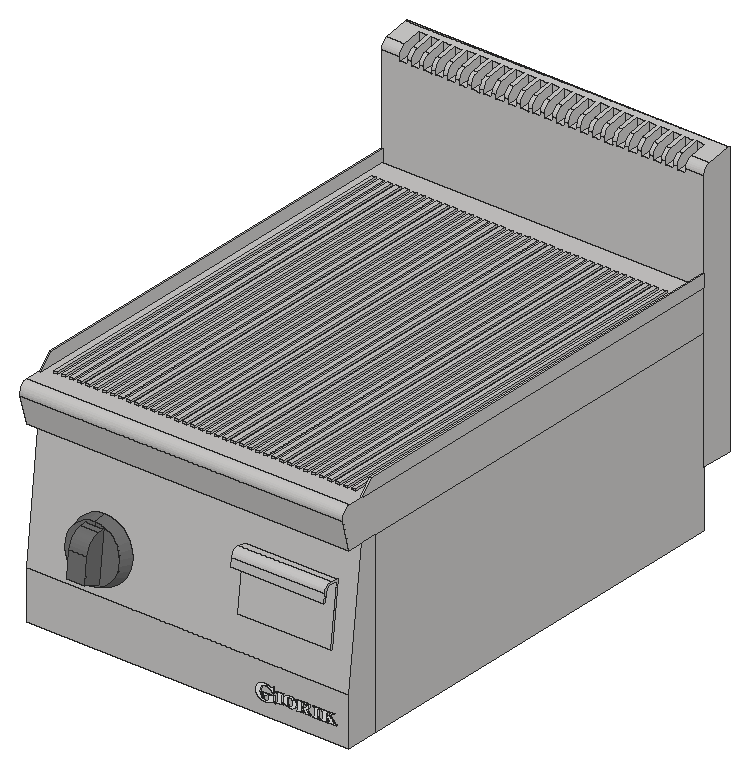
Revit family "QF_GIORIK_LGE4931", category Specialty Equipment, Revit 2014
Parameters (values of type "LGE4931")
  Weight in Pounds = 90.3894
  Watts = 3600 W
  Volts = 230 V
  URL Cutsheet = "www.giorik.com"
  URL = "www.giorik.com"
  Status [instance] = ""
  Specification by User [instance] = ""
  Specification by Manufacturer = ""
  Show Logo [instance] = yes
  Show Clearance [instance] = yes
  Serial Number = ""
  Seismic Rating = ""
  SMACNA No = ""
  Revision Code [instance] = ""
  Phase = 1
  Number of Poles [instance] = 1
  NAFEM Spec ID Number = ""
  Model = "LGE4931"
  Min Ckt Ampacity = 0 A
  Max Overcurrent Protection = 0 A
  Masterspec = ""
  Manufacturer = "GIORIK"
  Item Number [instance] = ""
  Installed By [instance] = ""
  Identify Quantity as Lot [instance] = no
  HP = "4.827672000000"
  Furnished By [instance] = ""
  Foodservice Equipment Identifier [instance] = yes
  FL Amps = 0 A
  Electrical Remarks [instance] = ""
  Electric Connection Type [instance] = ""
  Elec Conn RI Height [instance] = 0 mm
  Elec Conn Connection Height [instance] = 45 mm
  Description = "GRIDDLE SMOOTH"
  Cycle = 50 Hz
  Conn Plug = ""
  CSI MasterFormat = ""
  Assembly Code = "E1090320"
  Apparent Power = 3600 VA
Reference planes
  plane 1 "Back": y = 0
  plane 2: z = 0
  plane 3 "Left": x = 0
  plane 4 "Right": x = 400
  plane 5 "Front": y = -600
  plane 6 "Top": z = 430
Forms (mm)
  Extrusion 1, solid
    sketch origin (0, 1000, -580) x (0, 1, 0) y (0, 0, 1)
      loop
        line (-1040.007, 869.975) -> (-1589.445, 869.975)
        arc (-1589.445, 869.975) -> (-1598.171, 865.672) -> (-1600.069, 856.13) r 10.999
        line (-1600.069, 856.13) -> (-1590.388, 820) -> (-1040.007, 820) -> (-1040.007, 869.975)
    from 0 to 400
  Extrusion 2, solid
    sketch origin (0, 0, -560) x (0, 1, 0) y (0, 0, 1)
      loop
        line (-570.06, 849.975) -> (-40.007, 849.975) -> (-40.007, 865.387) -> (-554.648, 865.387) -> (-570.06, 849.975)
    from 0 to 1.85
  Extrusion 3, solid
    sketch origin (0, 0, -560) x (0, 1, 0) y (0, 0, 1)
      loop
        line (-40.007, 800) -> (-550, 800) -> (-550, 580) -> (-40.007, 580) -> (-40.007, 800)
    from 0 to 400
  Extrusion 4, solid
    sketch origin (0, 0, -560) x (0, 1, 0) y (0, 0, 1)
      loop
        line (-550, 800) -> (-570.5, 800) -> (-590, 640) -> (-590, 580) -> (-550, 580) -> (-550, 800)
    from 0 to 400
  Revolve 5, solid
    sketch origin (100.155, 0.456, -560.03) x (0, 1, 0) y (0, 0, 1)
      loop
        line (-598.03, 706.389) -> (-594.27, 737.013) -> (-609.648, 734.852) -> (-613.772, 701.269) -> (-581.482, 697.305) -> (-580.629, 704.252) -> (-598.03, 706.389)
      axis (-581.482, 697.305) -> (-613.772, 701.269)
    angle from 0 to 360
  Extrusion 6, solid
    sketch origin (398.094, 0, -560) x (0, 1, 0) y (0, 0, 1)
      loop
        line (-570.06, 849.975) -> (-40.007, 849.975) -> (-40.007, 865.387) -> (-554.648, 865.387) -> (-570.06, 849.975)
    from -0.15 to 1.906
  Extrusion 7, solid
    sketch origin (0, 0, -560) x (0, 1, 0) y (0, 0, 1)
      loop
        line (-40.007, 974.217) -> (-40.007, 650.827) -> (0, 650.827) -> (0, 988.42)
        arc (0, 988.42) -> (-0.57, 989.648) -> (-1.878, 990) r 1.6
        line (-1.878, 990) -> (-31.072, 984.852)
        arc (-31.072, 984.852) -> (-37.477, 981.162) -> (-40.007, 974.217) r 10.797
    from 0 to 400
  Extrusion 8, solid
    sketch origin (-62.831, 0.456, -560.03) x (0, 1, 0) y (0, 0, 1)
      loop
        line (-635.843, 711.553) -> (-639.647, 680.575) -> (-617.415, 671.593) -> (-610.135, 730.882) -> (-617.934, 729.786)
        arc (-617.934, 729.786) -> (-629.982, 723.708) -> (-635.843, 711.553) r 20.998
    from 151.831 to 173.831
  Extrusion 9, solid
    sketch origin (368.319, 0, -561) x (1, 0, 0) y (0, 0, 1)
      loop
        circle (-38.319, 606) r 12.5
    from 20.007 to 40.007
  Extrusion 10, solid, visible <- "Show Logo"
    sketch origin (191.604, -590.5, -6.113) x (-1, 0, 0) y (0, 0, 1)
      loop
        line (-118.824, 58.358) -> (-127.804, 58.358) -> (-125.523, 56.445) -> (-125.523, 48.027) -> (-127.804, 46.113) -> (-118.824, 46.113) -> (-121.105, 48.027) -> (-121.105, 56.445) -> (-118.824, 58.358)
      loop
        line (-163.721, 58.358) -> (-172.7, 58.358) -> (-170.42, 56.445) -> (-170.42, 48.027) -> (-172.7, 46.113) -> (-163.721, 46.113) -> (-166.001, 48.027) -> (-166.001, 56.445) -> (-163.721, 58.358)
      loop
        line (-174.332, 58.358) -> (-183.312, 58.358) -> (-181.031, 56.445) -> (-181.031, 52.435) -> (-186.419, 56.955) -> (-184.416, 58.358) -> (-191.268, 58.358) -> (-188.01, 56.839) -> (-185.455, 54.283) -> (-190.846, 47.858) -> (-193.396, 46.93) -> (-193.396, 46.113) -> (-184.416, 46.113) -> (-185.437, 47.571) -> (-182.443, 51.552) -> (-181.031, 50.894) -> (-181.031, 48.027) -> (-183.312, 46.113) -> (-174.332, 46.113) -> (-176.613, 48.027) -> (-176.613, 56.445) -> (-174.332, 58.358)
      loop
        line (-115.429, 62.063) -> (-115.429, 54.198)
        arc (-115.429, 54.198) -> (-111.618, 57.803) -> (-106.847, 59.986) r 16.039
        arc (-106.847, 59.986) -> (-103.314, 59.837) -> (-100.512, 57.68) r 5.851
        arc (-100.512, 57.68) -> (-98.815, 52.267) -> (-100.512, 46.853) r 9.479
        arc (-100.512, 46.853) -> (-102.406, 44.986) -> (-104.846, 43.93) r 7.236
        arc (-104.846, 43.93) -> (-107.728, 44.111) -> (-110.052, 45.825) r 5.11
        line (-110.052, 45.825) -> (-110.052, 52.001) -> (-116.141, 52.001) -> (-116.141, 45.503) -> (-117.893, 43.751) -> (-114.094, 44.769)
        arc (-114.094, 44.769) -> (-112.56, 44.947) -> (-111.129, 44.366) r 3.115
        arc (-111.129, 44.366) -> (-104.216, 42.091) -> (-97.303, 44.366) r 11.641
        arc (-97.303, 44.366) -> (-93.396, 52.107) -> (-97.303, 59.849) r 9.622
        arc (-97.303, 59.849) -> (-104.369, 62.174) -> (-111.435, 59.849) r 11.898
        line (-111.435, 59.849) -> (-115.429, 62.063)
      loop
        arc (-129.234, 56.068) -> (-135.893, 58.628) -> (-142.552, 56.068) r 9.941
        arc (-142.552, 56.068) -> (-144.234, 52.286) -> (-142.552, 48.505) r 5.093
        arc (-142.552, 48.505) -> (-135.893, 45.945) -> (-129.234, 48.505) r 9.941
        arc (-129.234, 48.505) -> (-127.552, 52.286) -> (-129.234, 56.068) r 5.093
      loop
        arc (-132.628, 54.403) -> (-135.893, 57.668) -> (-139.158, 54.403) r 3.265
        line (-139.158, 54.403) -> (-139.158, 50.169)
        arc (-139.158, 50.169) -> (-135.893, 46.904) -> (-132.628, 50.169) r 3.265
        line (-132.628, 50.169) -> (-132.628, 54.403)
      loop
        arc (-156.363, 58.365) -> (-159.647, 55.081) -> (-156.363, 51.796) r 3.285
        line (-156.363, 51.796) -> (-159.529, 47.306) -> (-162.087, 46.113) -> (-155.847, 46.113) -> (-153.529, 51.083) -> (-150.637, 51.083) -> (-150.637, 47.784) -> (-153.022, 46.113) -> (-144.011, 46.113) -> (-146.094, 47.68) -> (-146.094, 56.493) -> (-144.229, 58.365) -> (-156.363, 58.365)
      loop
        line (-150.637, 57.512) -> (-153.637, 57.512)
        arc (-153.637, 57.512) -> (-156.237, 54.912) -> (-153.637, 52.312) r 2.6
        line (-153.637, 52.312) -> (-150.637, 52.312) -> (-150.637, 57.512)
      loop
        line (-108.924, 52.001) -> (-104.936, 49.005) -> (-100.948, 52.001) -> (-108.924, 52.001)
    from 1.5 to -0.5
  Extrusion 11, void
    sketch origin (7.5, 0, 430) x (0, 1, 0) y (-1, 0, 0)
      loop
        line (-40.007, -25) -> (-9.931, -25) -> (-9.931, -15) -> (-40.007, -15) -> (-40.007, -25)
      loop
        line (-40.007, -40) -> (-9.931, -40) -> (-9.931, -30) -> (-40.007, -30) -> (-40.007, -40)
      loop
        line (-40.007, -55) -> (-9.931, -55) -> (-9.931, -45) -> (-40.007, -45) -> (-40.007, -55)
      loop
        line (-40.007, -70) -> (-9.931, -70) -> (-9.931, -60) -> (-40.007, -60) -> (-40.007, -70)
      loop
        line (-40.007, -85) -> (-9.931, -85) -> (-9.931, -75) -> (-40.007, -75) -> (-40.007, -85)
      loop
        line (-40.007, -100) -> (-9.931, -100) -> (-9.931, -90) -> (-40.007, -90) -> (-40.007, -100)
      loop
        line (-40.007, -115) -> (-9.931, -115) -> (-9.931, -105) -> (-40.007, -105) -> (-40.007, -115)
      loop
        line (-40.007, -130) -> (-9.931, -130) -> (-9.931, -120) -> (-40.007, -120) -> (-40.007, -130)
      loop
        line (-40.007, -145) -> (-9.931, -145) -> (-9.931, -135) -> (-40.007, -135) -> (-40.007, -145)
      loop
        line (-40.007, -160) -> (-9.931, -160) -> (-9.931, -150) -> (-40.007, -150) -> (-40.007, -160)
      loop
        line (-40.007, -175) -> (-9.931, -175) -> (-9.931, -165) -> (-40.007, -165) -> (-40.007, -175)
      loop
        line (-40.007, -190) -> (-9.931, -190) -> (-9.931, -180) -> (-40.007, -180) -> (-40.007, -190)
      loop
        line (-40.007, -205) -> (-9.931, -205) -> (-9.931, -195) -> (-40.007, -195) -> (-40.007, -205)
      loop
        line (-40.007, -220) -> (-9.931, -220) -> (-9.931, -210) -> (-40.007, -210) -> (-40.007, -220)
      loop
        line (-40.007, -235) -> (-9.931, -235) -> (-9.931, -225) -> (-40.007, -225) -> (-40.007, -235)
      loop
        line (-40.007, -250) -> (-9.931, -250) -> (-9.931, -240) -> (-40.007, -240) -> (-40.007, -250)
      loop
        line (-40.007, -265) -> (-9.931, -265) -> (-9.931, -255) -> (-40.007, -255) -> (-40.007, -265)
      loop
        line (-40.007, -280) -> (-9.931, -280) -> (-9.931, -270) -> (-40.007, -270) -> (-40.007, -280)
      loop
        line (-40.007, -295) -> (-9.931, -295) -> (-9.931, -285) -> (-40.007, -285) -> (-40.007, -295)
      loop
        line (-40.007, -310) -> (-9.931, -310) -> (-9.931, -300) -> (-40.007, -300) -> (-40.007, -310)
      loop
        line (-40.007, -325) -> (-9.931, -325) -> (-9.931, -315) -> (-40.007, -315) -> (-40.007, -325)
      loop
        line (-40.007, -340) -> (-9.931, -340) -> (-9.931, -330) -> (-40.007, -330) -> (-40.007, -340)
      loop
        line (-40.007, -355) -> (-9.931, -355) -> (-9.931, -345) -> (-40.007, -345) -> (-40.007, -355)
      loop
        line (-40.007, -370) -> (-9.931, -370) -> (-9.931, -360) -> (-40.007, -360) -> (-40.007, -370)
    from 0 to -20
  Extrusion 12, solid
    sketch origin (566.603, 15.293, -30) x (0, 1, 0) y (-1, 0, 0)
      loop
        circle (-79.293, 516.603) r 5
    from 41.965 to 50
  Revolve 13, solid
    sketch origin (50, 19.943, -600) x (0, 1, 0) y (0, 0, 1)
      loop
        line (-83.943, 611.965) -> (-94.752, 611.965) -> (-97.943, 600) -> (-83.943, 600) -> (-83.943, 611.965)
      axis (-83.943, 611.965) -> (-83.943, 600)
    angle from 0 to 360
  Extrusion 14, solid
    sketch origin (-166.603, 15.293, -30) x (0, 1, 0) y (-1, 0, 0)
      loop
        circle (-79.293, -516.603) r 5
    from 41.965 to 50
  Revolve 15, solid
    sketch origin (350, 19.943, -600) x (0, 1, 0) y (0, 0, -1)
      loop
        line (-83.943, -611.965) -> (-83.943, -600) -> (-97.943, -600) -> (-94.752, -611.965) -> (-83.943, -611.965)
      axis (-83.943, -611.965) -> (-83.943, -600)
    angle from 0 to 360
  Extrusion 16, solid
    sketch origin (566.603, -459.707, -30) x (0, 1, 0) y (-1, 0, 0)
      loop
        circle (-79.293, 516.603) r 5
    from 41.965 to 50
  Revolve 17, solid
    sketch origin (50, -455.057, -600) x (0, 1, 0) y (0, 0, 1)
      loop
        line (-83.943, 611.965) -> (-94.752, 611.965) -> (-97.943, 600) -> (-83.943, 600) -> (-83.943, 611.965)
      axis (-83.943, 611.965) -> (-83.943, 600)
    angle from 0 to 360
  Extrusion 18, solid
    sketch origin (-166.603, -459.707, -30) x (0, 1, 0) y (-1, 0, 0)
      loop
        circle (-79.293, -516.603) r 5
    from 41.965 to 50
  Revolve 19, solid
    sketch origin (350, -455.057, -600) x (0, 1, 0) y (0, 0, -1)
      loop
        line (-83.943, -611.965) -> (-83.943, -600) -> (-97.943, -600) -> (-94.752, -611.965) -> (-83.943, -611.965)
      axis (-83.943, -611.965) -> (-83.943, -600)
    angle from 0 to 360
  Extrusion 20, solid
    sketch origin (122.5, -693.138, -437.283) x (0, 0.992655, -0.12098) y (0, 0.12098, 0.992655)
      loop
        line (40, 640.1) -> (30, 640.1)
        arc (30, 640.1) -> (22.929, 637.171) -> (20, 630.1) r 10
        line (20, 630.1) -> (20, 620.1) -> (22, 620.1) -> (22, 630.1)
        arc (22, 630.1) -> (24.343, 635.757) -> (30, 638.1) r 8
        line (30, 638.1) -> (38, 638.1) -> (38, 565.1) -> (40, 565.1) -> (40, 640.1)
    from 137.5 to 252.5
  Extrusion 21, solid
    sketch origin (-160, 64.993, -573.525) x (1, 0, 0) y (0, 1, 0)
      loop
        line (172.5, -135) -> (172.5, -628.345) -> (177.5, -628.345) -> (177.5, -135) -> (172.5, -135)
      loop
        line (182.5, -135) -> (182.5, -628.345) -> (187.5, -628.345) -> (187.5, -135) -> (182.5, -135)
      loop
        line (192.5, -135) -> (192.5, -628.345) -> (197.5, -628.345) -> (197.5, -135) -> (192.5, -135)
      loop
        line (202.5, -135) -> (202.5, -628.345) -> (207.5, -628.345) -> (207.5, -135) -> (202.5, -135)
      loop
        line (212.5, -135) -> (212.5, -628.345) -> (217.5, -628.345) -> (217.5, -135) -> (212.5, -135)
      loop
        line (222.5, -135) -> (222.5, -628.345) -> (227.5, -628.345) -> (227.5, -135) -> (222.5, -135)
      loop
        line (232.5, -135) -> (232.5, -628.345) -> (237.5, -628.345) -> (237.5, -135) -> (232.5, -135)
      loop
        line (242.5, -135) -> (242.5, -628.345) -> (247.5, -628.345) -> (247.5, -135) -> (242.5, -135)
      loop
        line (252.5, -135) -> (252.5, -628.345) -> (257.5, -628.345) -> (257.5, -135) -> (252.5, -135)
      loop
        line (262.5, -135) -> (262.5, -628.345) -> (267.5, -628.345) -> (267.5, -135) -> (262.5, -135)
      loop
        line (272.5, -135) -> (272.5, -628.345) -> (277.5, -628.345) -> (277.5, -135) -> (272.5, -135)
      loop
        line (282.5, -135) -> (282.5, -628.345) -> (287.5, -628.345) -> (287.5, -135) -> (282.5, -135)
      loop
        line (292.5, -135) -> (292.5, -628.345) -> (297.5, -628.345) -> (297.5, -135) -> (292.5, -135)
      loop
        line (302.5, -135) -> (302.5, -628.345) -> (307.5, -628.345) -> (307.5, -135) -> (302.5, -135)
      loop
        line (312.5, -135) -> (312.5, -628.345) -> (317.5, -628.345) -> (317.5, -135) -> (312.5, -135)
      loop
        line (322.5, -135) -> (322.5, -628.345) -> (327.5, -628.345) -> (327.5, -135) -> (322.5, -135)
      loop
        line (332.5, -135) -> (332.5, -628.345) -> (337.5, -628.345) -> (337.5, -135) -> (332.5, -135)
      loop
        line (342.5, -135) -> (342.5, -628.345) -> (347.5, -628.345) -> (347.5, -135) -> (342.5, -135)
      loop
        line (352.5, -135) -> (352.5, -628.345) -> (357.5, -628.345) -> (357.5, -135) -> (352.5, -135)
      loop
        line (362.5, -135) -> (362.5, -628.345) -> (367.5, -628.345) -> (367.5, -135) -> (362.5, -135)
      loop
        line (372.5, -135) -> (372.5, -628.345) -> (377.5, -628.345) -> (377.5, -135) -> (372.5, -135)
      loop
        line (382.5, -135) -> (382.5, -628.345) -> (387.5, -628.345) -> (387.5, -135) -> (382.5, -135)
      loop
        line (392.5, -135) -> (392.5, -628.345) -> (397.5, -628.345) -> (397.5, -135) -> (392.5, -135)
      loop
        line (402.5, -135) -> (402.5, -628.345) -> (407.5, -628.345) -> (407.5, -135) -> (402.5, -135)
      loop
        line (412.5, -135) -> (412.5, -628.345) -> (417.5, -628.345) -> (417.5, -135) -> (412.5, -135)
      loop
        line (422.5, -135) -> (422.5, -628.345) -> (427.5, -628.345) -> (427.5, -135) -> (422.5, -135)
      loop
        line (432.5, -135) -> (432.5, -628.345) -> (437.5, -628.345) -> (437.5, -135) -> (432.5, -135)
      loop
        line (442.5, -135) -> (442.5, -628.345) -> (447.5, -628.345) -> (447.5, -135) -> (442.5, -135)
      loop
        line (452.5, -135) -> (452.5, -628.345) -> (457.5, -628.345) -> (457.5, -135) -> (452.5, -135)
      loop
        line (462.5, -135) -> (462.5, -628.345) -> (467.5, -628.345) -> (467.5, -135) -> (462.5, -135)
      loop
        line (472.5, -135) -> (472.5, -628.345) -> (477.5, -628.345) -> (477.5, -135) -> (472.5, -135)
      loop
        line (482.5, -135) -> (482.5, -628.345) -> (487.5, -628.345) -> (487.5, -135) -> (482.5, -135)
      loop
        line (492.5, -135) -> (492.5, -628.345) -> (497.5, -628.345) -> (497.5, -135) -> (492.5, -135)
      loop
        line (502.5, -135) -> (502.5, -628.345) -> (507.5, -628.345) -> (507.5, -135) -> (502.5, -135)
      loop
        line (512.5, -135) -> (512.5, -628.345) -> (517.5, -628.345) -> (517.5, -135) -> (512.5, -135)
      loop
        line (522.5, -135) -> (522.5, -628.345) -> (527.5, -628.345) -> (527.5, -135) -> (522.5, -135)
      loop
        line (532.5, -135) -> (532.5, -628.345) -> (537.5, -628.345) -> (537.5, -135) -> (532.5, -135)
      loop
        line (542.5, -135) -> (542.5, -628.345) -> (547.5, -628.345) -> (547.5, -135) -> (542.5, -135)
    from 863.5 to 865.5
Cuts and joins
  Extrusion 11 cuts Extrusion 7
Lines and regions (mm)
  symbolic lines, style "200-EquipBorder-2D"
    curve 1: line (400, 0, 0) -> (0, 0, 0)
    curve 2: line (0, 0, 0) -> (0, -600, 0)
    curve 80: line (400, -600, 430) -> (400, 0, 430)
    curve 233: line (0, -600, 430) -> (400, -600, 430)
    curve 234: spline (89, -617.202, 990) -> (85.789, -617.041, 990) -> (82.73, -616.841, 990) -> (79.856, -616.604, 990) -> (77.196, -616.332, 990) -> (74.779, -616.028, 990) -> (72.63, -615.696, 990) -> (70.772, -615.338, 990) -> (69.225, -614.96, 990) -> (68.004, -614.563, 990) -> (67.122, -614.154, 990) -> (66.59, -613.736, 990) -> (66.412, -613.313, 990)
    curve 235: spline (134.073, -613.408, 990) -> (133.819, -613.826, 990) -> (133.218, -614.239, 990) -> (132.275, -614.643, 990) -> (131.001, -615.033, 990) -> (129.408, -615.405, 990) -> (127.513, -615.755, 990) -> (125.336, -616.08, 990) -> (122.898, -616.376, 990) -> (120.227, -616.641, 990) -> (117.348, -616.871, 990) -> (114.293, -617.065, 990) -> (111.091, -617.219, 990)
    curve 236: line (66.412, -613.313, 990) -> (62.735, -600, 990)
    curve 237: line (134.073, -613.408, 990) -> (137.578, -600, 990)
    curve 238: line (89, -639.19, 430) -> (89, -609.679, 430)
    curve 239: line (89, -639.19, 430) -> (111, -639.19, 430)
    curve 240: line (111, -639.19, 430) -> (111, -609.679, 430)
    curve 241: spline (66.412, -613.313, 430) -> (67.564, -612.264, 430) -> (70.941, -611.286, 430) -> (76.314, -610.446, 430) -> (83.316, -609.802, 430) -> (91.47, -609.396, 430) -> (100.22, -609.258, 430) -> (108.97, -609.396, 430) -> (117.124, -609.802, 430) -> (124.126, -610.446, 430) -> (129.499, -611.286, 430) -> (132.877, -612.264, 430) -> (134.029, -613.313, 430)
    curve 242: line (89, -609.679, 430) -> (111, -609.679, 430)
  symbolic lines, style "200-EquipInternal-2D"
    curve 3: line (400, -40.007, 430) -> (0, -40.007, 430)
    curve 4: line (397.944, -570.06, 430) -> (400, -570.06, 430)
    curve 5: line (397.944, -40.007, 430) -> (397.944, -570.06, 430)
    curve 6: line (0, -570.06, 430) -> (1.85, -570.06, 430)
    curve 7: line (1.85, -570.06, 430) -> (1.85, -40.007, 430)
    curve 8: line (22.5, -9.931, 290) -> (22.5, -40.007, 290)
    curve 9: line (32.5, -40.007, 290) -> (32.5, -9.931, 290)
    curve 10: line (37.5, -9.931, 290) -> (37.5, -40.007, 290)
    curve 11: line (47.5, -40.007, 290) -> (47.5, -9.931, 290)
    curve 12: line (52.5, -9.931, 290) -> (52.5, -40.007, 290)
    curve 13: line (62.5, -40.007, 290) -> (62.5, -9.931, 290)
    curve 14: line (82.5, -9.931, 290) -> (82.5, -40.007, 290)
    curve 15: line (92.5, -40.007, 290) -> (92.5, -9.931, 290)
    curve 16: line (97.5, -9.931, 290) -> (97.5, -40.007, 290)
    curve 17: line (107.5, -40.007, 290) -> (107.5, -9.931, 290)
    curve 18: line (137.5, -40.007, 290) -> (137.5, -9.931, 290)
    curve 19: line (127.5, -9.931, 290) -> (127.5, -40.007, 290)
    curve 20: line (152.5, -40.007, 290) -> (152.5, -9.931, 290)
    curve 21: line (157.5, -9.931, 290) -> (157.5, -40.007, 290)
    curve 22: line (167.5, -40.007, 290) -> (167.5, -9.931, 290)
    curve 23: line (142.5, -9.931, 290) -> (142.5, -40.007, 290)
    curve 24: line (197.5, -40.007, 290) -> (197.5, -9.931, 290)
    curve 25: line (187.5, -9.931, 290) -> (187.5, -40.007, 290)
    curve 26: line (202.5, -9.931, 290) -> (202.5, -40.007, 290)
    curve 27: line (212.5, -40.007, 290) -> (212.5, -9.931, 290)
    curve 28: line (217.5, -9.931, 290) -> (217.5, -40.007, 290)
    curve 29: line (227.5, -40.007, 290) -> (227.5, -9.931, 290)
    curve 30: line (247.5, -9.931, 290) -> (247.5, -40.007, 290)
    curve 31: line (257.5, -40.007, 290) -> (257.5, -9.931, 290)
    curve 32: line (262.5, -9.931, 290) -> (262.5, -40.007, 290)
    curve 33: line (272.5, -40.007, 290) -> (272.5, -9.931, 290)
    curve 34: line (277.5, -9.931, 290) -> (277.5, -40.007, 290)
    curve 35: line (287.5, -40.007, 290) -> (287.5, -9.931, 290)
    curve 36: line (317.5, -40.007, 290) -> (317.5, -9.931, 290)
    curve 37: line (307.5, -9.931, 290) -> (307.5, -40.007, 290)
    curve 38: line (332.5, -40.007, 290) -> (332.5, -9.931, 290)
    curve 39: line (322.5, -9.931, 290) -> (322.5, -40.007, 290)
    curve 40: line (337.5, -9.931, 290) -> (337.5, -40.007, 290)
    curve 41: line (347.5, -40.007, 290) -> (347.5, -9.931, 290)
    curve 42: line (367.5, -9.931, 290) -> (367.5, -40.007, 290)
    curve 43: line (377.5, -40.007, 290) -> (377.5, -9.931, 290)
    curve 44: line (377.5, -9.931, 290) -> (367.5, -9.931, 290)
    curve 45: line (347.5, -9.931, 290) -> (337.5, -9.931, 290)
    curve 46: line (332.5, -9.931, 290) -> (322.5, -9.931, 290)
    curve 47: line (317.5, -9.931, 290) -> (307.5, -9.931, 290)
    curve 48: line (272.5, -9.931, 290) -> (262.5, -9.931, 290)
    curve 49: line (107.5, -9.931, 290) -> (97.5, -9.931, 290)
    curve 50: line (92.5, -9.931, 290) -> (82.5, -9.931, 290)
    curve 51: line (62.5, -9.931, 290) -> (52.5, -9.931, 290)
    curve 52: line (32.5, -9.931, 290) -> (22.5, -9.931, 290)
    curve 53: line (137.5, -9.931, 290) -> (127.5, -9.931, 290)
    curve 54: line (152.5, -9.931, 290) -> (142.5, -9.931, 290)
    curve 55: line (167.5, -9.931, 290) -> (157.5, -9.931, 290)
    curve 56: line (197.5, -9.931, 290) -> (187.5, -9.931, 290)
    curve 57: line (212.5, -9.931, 290) -> (202.5, -9.931, 290)
    curve 58: line (227.5, -9.931, 290) -> (217.5, -9.931, 290)
    curve 59: line (257.5, -9.931, 290) -> (247.5, -9.931, 290)
    curve 60: line (47.5, -9.931, 290) -> (37.5, -9.931, 290)
    curve 61: line (67.5, -9.931, 430) -> (67.5, -40.007, 430)
    curve 62: line (77.5, -40.007, 430) -> (77.5, -9.931, 430)
    curve 63: line (77.5, -9.931, 430) -> (67.5, -9.931, 430)
    curve 64: line (112.5, -9.931, 430) -> (112.5, -40.007, 430)
    curve 65: line (122.5, -40.007, 430) -> (122.5, -9.931, 430)
    curve 66: line (122.5, -9.931, 430) -> (112.5, -9.931, 430)
    curve 67: line (172.5, -9.931, 430) -> (172.5, -40.007, 430)
    curve 68: line (182.5, -40.007, 430) -> (182.5, -9.931, 430)
    curve 69: line (182.5, -9.931, 430) -> (172.5, -9.931, 430)
    curve 70: line (232.5, -9.931, 430) -> (232.5, -40.007, 430)
    curve 71: line (242.5, -40.007, 430) -> (242.5, -9.931, 430)
    curve 72: line (242.5, -9.931, 430) -> (232.5, -9.931, 430)
    curve 73: line (287.5, -9.931, 430) -> (277.5, -9.931, 430)
    curve 74: line (302.5, -9.931, 430) -> (292.5, -9.931, 430)
    curve 75: line (292.5, -9.931, 430) -> (292.5, -40.007, 430)
    curve 76: line (302.5, -40.007, 430) -> (302.5, -9.931, 430)
    curve 77: line (352.5, -9.931, 430) -> (352.5, -40.007, 430)
    curve 78: line (362.5, -40.007, 430) -> (362.5, -9.931, 430)
    curve 79: line (362.5, -9.931, 430) -> (352.5, -9.931, 430)
    curve 81: line (17.5, -70.007, 290) -> (12.5, -70.007, 290)
    curve 82: line (27.5, -70.007, 290) -> (22.5, -70.007, 290)
    curve 83: line (37.5, -70.007, 290) -> (32.5, -70.007, 290)
    curve 84: line (47.5, -70.007, 290) -> (42.5, -70.007, 290)
    curve 85: line (57.5, -70.007, 290) -> (52.5, -70.007, 290)
    curve 86: line (67.5, -70.007, 290) -> (62.5, -70.007, 290)
    curve 87: line (77.5, -70.007, 290) -> (72.5, -70.007, 290)
    curve 88: line (87.5, -70.007, 290) -> (82.5, -70.007, 290)
    curve 89: line (97.5, -70.007, 290) -> (92.5, -70.007, 290)
    curve 90: line (92.5, -70.007, 290) -> (92.5, -563.352, 290)
    curve 91: line (87.5, -563.352, 290) -> (87.5, -70.007, 290)
    curve 92: line (82.5, -70.007, 290) -> (82.5, -563.352, 290)
    curve 93: line (77.5, -563.352, 290) -> (77.5, -70.007, 290)
    curve 94: line (72.5, -70.007, 290) -> (72.5, -563.352, 290)
    curve 95: line (62.5, -70.007, 290) -> (62.5, -563.352, 290)
    curve 96: line (67.5, -563.352, 290) -> (67.5, -70.007, 290)
    curve 97: line (57.5, -563.352, 290) -> (57.5, -70.007, 290)
    curve 98: line (52.5, -70.007, 290) -> (52.5, -563.352, 290)
    curve 99: line (47.5, -563.352, 290) -> (47.5, -70.007, 290)
    curve 100: line (42.5, -70.007, 290) -> (42.5, -563.352, 290)
    curve 101: line (37.5, -563.352, 290) -> (37.5, -70.007, 290)
    curve 102: line (32.5, -70.007, 290) -> (32.5, -563.352, 290)
    curve 103: line (22.5, -70.007, 290) -> (22.5, -563.352, 290)
    curve 104: line (17.5, -563.352, 290) -> (17.5, -70.007, 290)
    curve 105: line (12.5, -70.007, 290) -> (12.5, -563.352, 290)
    curve 106: line (27.5, -563.352, 290) -> (27.5, -70.007, 290)
    curve 107: line (167.5, -563.352, 290) -> (167.5, -70.007, 290)
    curve 108: line (162.5, -70.007, 290) -> (162.5, -563.352, 290)
    curve 109: line (157.5, -563.352, 290) -> (157.5, -70.007, 290)
    curve 110: line (152.5, -70.007, 290) -> (152.5, -563.352, 290)
    curve 111: line (147.5, -563.352, 290) -> (147.5, -70.007, 290)
    curve 112: line (142.5, -70.007, 290) -> (142.5, -563.352, 290)
    curve 113: line (137.5, -563.352, 290) -> (137.5, -70.007, 290)
    curve 114: line (132.5, -70.007, 290) -> (132.5, -563.352, 290)
    curve 115: line (127.5, -563.352, 290) -> (127.5, -70.007, 290)
    curve 116: line (122.5, -70.007, 290) -> (122.5, -563.352, 290)
    curve 117: line (117.5, -563.352, 290) -> (117.5, -70.007, 290)
    curve 118: line (112.5, -70.007, 290) -> (112.5, -563.352, 290)
    curve 119: line (107.5, -563.352, 290) -> (107.5, -70.007, 290)
    curve 120: line (102.5, -70.007, 290) -> (102.5, -563.352, 290)
    curve 121: line (97.5, -563.352, 290) -> (97.5, -70.007, 290)
    curve 122: line (107.5, -70.007, 290) -> (102.5, -70.007, 290)
    curve 123: line (117.5, -70.007, 290) -> (112.5, -70.007, 290)
    curve 124: line (127.5, -70.007, 290) -> (122.5, -70.007, 290)
    curve 125: line (137.5, -70.007, 290) -> (132.5, -70.007, 290)
    curve 126: line (147.5, -70.007, 290) -> (142.5, -70.007, 290)
    curve 127: line (157.5, -70.007, 290) -> (152.5, -70.007, 290)
    curve 128: line (167.5, -70.007, 290) -> (162.5, -70.007, 290)
    curve 129: line (172.5, -70.007, 290) -> (172.5, -563.352, 290)
    curve 130: line (177.5, -563.352, 290) -> (177.5, -70.007, 290)
    curve 131: line (182.5, -70.007, 290) -> (182.5, -563.352, 290)
    curve 132: line (187.5, -563.352, 290) -> (187.5, -70.007, 290)
    curve 133: line (192.5, -70.007, 290) -> (192.5, -563.352, 290)
    curve 134: line (197.5, -563.352, 290) -> (197.5, -70.007, 290)
    curve 135: line (202.5, -70.007, 290) -> (202.5, -563.352, 290)
    curve 136: line (207.5, -563.352, 290) -> (207.5, -70.007, 290)
    curve 137: line (212.5, -70.007, 290) -> (212.5, -563.352, 290)
    curve 138: line (217.5, -563.352, 290) -> (217.5, -70.007, 290)
    curve 139: line (222.5, -70.007, 290) -> (222.5, -563.352, 290)
    curve 140: line (227.5, -563.352, 290) -> (227.5, -70.007, 290)
    curve 141: line (232.5, -70.007, 290) -> (232.5, -563.352, 290)
    curve 142: line (237.5, -563.352, 290) -> (237.5, -70.007, 290)
    curve 143: line (242.5, -70.007, 290) -> (242.5, -563.352, 290)
    curve 144: line (247.5, -563.352, 290) -> (247.5, -70.007, 290)
    curve 145: line (252.5, -70.007, 290) -> (252.5, -563.352, 290)
    curve 146: line (257.5, -563.352, 290) -> (257.5, -70.007, 290)
    curve 147: line (262.5, -70.007, 290) -> (262.5, -563.352, 290)
    curve 148: line (267.5, -563.352, 290) -> (267.5, -70.007, 290)
    curve 149: line (272.5, -70.007, 290) -> (272.5, -563.352, 290)
    curve 150: line (277.5, -563.352, 290) -> (277.5, -70.007, 290)
    curve 151: line (282.5, -70.007, 290) -> (282.5, -563.352, 290)
    curve 152: line (287.5, -563.352, 290) -> (287.5, -70.007, 290)
    curve 153: line (292.5, -70.007, 290) -> (292.5, -563.352, 290)
    curve 154: line (297.5, -563.352, 290) -> (297.5, -70.007, 290)
    curve 155: line (302.5, -70.007, 290) -> (302.5, -563.352, 290)
    curve 156: line (307.5, -563.352, 290) -> (307.5, -70.007, 290)
    curve 157: line (312.5, -70.007, 290) -> (312.5, -563.352, 290)
    curve 158: line (317.5, -563.352, 290) -> (317.5, -70.007, 290)
    curve 159: line (322.5, -70.007, 290) -> (322.5, -563.352, 290)
    curve 160: line (327.5, -563.352, 290) -> (327.5, -70.007, 290)
    curve 161: line (337.5, -563.352, 290) -> (337.5, -70.007, 290)
    curve 162: line (332.5, -70.007, 290) -> (332.5, -563.352, 290)
    curve 163: line (342.5, -70.007, 290) -> (342.5, -563.352, 290)
    curve 164: line (347.5, -563.352, 290) -> (347.5, -70.007, 290)
    curve 165: line (352.5, -70.007, 290) -> (352.5, -563.352, 290)
    curve 166: line (357.5, -563.352, 290) -> (357.5, -70.007, 290)
    curve 167: line (362.5, -70.007, 290) -> (362.5, -563.352, 290)
    curve 168: line (367.5, -563.352, 290) -> (367.5, -70.007, 290)
    curve 169: line (372.5, -70.007, 290) -> (372.5, -563.352, 290)
    curve 170: line (377.5, -563.352, 290) -> (377.5, -70.007, 290)
    curve 171: line (382.5, -70.007, 290) -> (382.5, -563.352, 290)
    curve 172: line (387.5, -563.352, 290) -> (387.5, -70.007, 290)
    curve 173: line (387.5, -70.007, 290) -> (382.5, -70.007, 290)
    curve 174: line (377.5, -70.007, 290) -> (372.5, -70.007, 290)
    curve 175: line (367.5, -70.007, 290) -> (362.5, -70.007, 290)
    curve 176: line (357.5, -70.007, 290) -> (352.5, -70.007, 290)
    curve 177: line (347.5, -70.007, 290) -> (342.5, -70.007, 290)
    curve 178: line (337.5, -70.007, 290) -> (332.5, -70.007, 290)
    curve 179: line (327.5, -70.007, 290) -> (322.5, -70.007, 290)
    curve 180: line (317.5, -70.007, 290) -> (312.5, -70.007, 290)
    curve 181: line (307.5, -70.007, 290) -> (302.5, -70.007, 290)
    curve 182: line (297.5, -70.007, 290) -> (292.5, -70.007, 290)
    curve 183: line (287.5, -70.007, 290) -> (282.5, -70.007, 290)
    curve 184: line (277.5, -70.007, 290) -> (272.5, -70.007, 290)
    curve 185: line (267.5, -70.007, 290) -> (262.5, -70.007, 290)
    curve 186: line (257.5, -70.007, 290) -> (252.5, -70.007, 290)
    curve 187: line (247.5, -70.007, 290) -> (242.5, -70.007, 290)
    curve 188: line (237.5, -70.007, 290) -> (232.5, -70.007, 290)
    curve 189: line (227.5, -70.007, 290) -> (222.5, -70.007, 290)
    curve 190: line (177.5, -70.007, 290) -> (172.5, -70.007, 290)
    curve 191: line (187.5, -70.007, 290) -> (182.5, -70.007, 290)
    curve 192: line (197.5, -70.007, 290) -> (192.5, -70.007, 290)
    curve 193: line (207.5, -70.007, 290) -> (202.5, -70.007, 290)
    curve 194: line (217.5, -70.007, 290) -> (212.5, -70.007, 290)
    curve 195: line (17.5, -563.352, 290) -> (12.5, -563.352, 290)
    curve 196: line (27.5, -563.352, 290) -> (22.5, -563.352, 290)
    curve 197: line (37.5, -563.352, 290) -> (32.5, -563.352, 290)
    curve 198: line (47.5, -563.352, 290) -> (42.5, -563.352, 290)
    curve 199: line (57.5, -563.352, 290) -> (52.5, -563.352, 290)
    curve 200: line (67.5, -563.352, 290) -> (62.5, -563.352, 290)
    curve 201: line (77.5, -563.352, 290) -> (72.5, -563.352, 290)
    curve 202: line (87.5, -563.352, 290) -> (82.5, -563.352, 290)
    curve 203: line (97.5, -563.352, 290) -> (92.5, -563.352, 290)
    curve 204: line (107.5, -563.352, 290) -> (102.5, -563.352, 290)
    curve 205: line (117.5, -563.352, 290) -> (112.5, -563.352, 290)
    curve 206: line (127.5, -563.352, 290) -> (122.5, -563.352, 290)
    curve 207: line (137.5, -563.352, 290) -> (132.5, -563.352, 290)
    curve 208: line (147.5, -563.352, 290) -> (142.5, -563.352, 290)
    curve 209: line (157.5, -563.352, 290) -> (152.5, -563.352, 290)
    curve 210: line (167.5, -563.352, 290) -> (162.5, -563.352, 290)
    curve 211: line (387.5, -563.352, 290) -> (382.5, -563.352, 290)
    curve 212: line (377.5, -563.352, 290) -> (372.5, -563.352, 290)
    curve 213: line (367.5, -563.352, 290) -> (362.5, -563.352, 290)
    curve 214: line (357.5, -563.352, 290) -> (352.5, -563.352, 290)
    curve 215: line (347.5, -563.352, 290) -> (342.5, -563.352, 290)
    curve 216: line (337.5, -563.352, 290) -> (332.5, -563.352, 290)
    curve 217: line (327.5, -563.352, 290) -> (322.5, -563.352, 290)
    curve 218: line (317.5, -563.352, 290) -> (312.5, -563.352, 290)
    curve 219: line (307.5, -563.352, 290) -> (302.5, -563.352, 290)
    curve 220: line (297.5, -563.352, 290) -> (292.5, -563.352, 290)
    curve 221: line (287.5, -563.352, 290) -> (282.5, -563.352, 290)
    curve 222: line (277.5, -563.352, 290) -> (272.5, -563.352, 290)
    curve 223: line (267.5, -563.352, 290) -> (262.5, -563.352, 290)
    curve 224: line (257.5, -563.352, 290) -> (252.5, -563.352, 290)
    curve 225: line (247.5, -563.352, 290) -> (242.5, -563.352, 290)
    curve 226: line (237.5, -563.352, 290) -> (232.5, -563.352, 290)
    curve 227: line (227.5, -563.352, 290) -> (222.5, -563.352, 290)
    curve 228: line (177.5, -563.352, 290) -> (172.5, -563.352, 290)
    curve 229: line (187.5, -563.352, 290) -> (182.5, -563.352, 290)
    curve 230: line (197.5, -563.352, 290) -> (192.5, -563.352, 290)
    curve 231: line (207.5, -563.352, 290) -> (202.5, -563.352, 290)
    curve 232: line (217.5, -563.352, 290) -> (212.5, -563.352, 290)
Dimensions and locks
  plane 3 "Left" to plane 4 "Right" = 400 mm
  plane 5 "Front" to plane 1 "Back" = 600 mm
  plane 4 "Right" to plane 3 "Left" = 400 mm
  plane 1 "Back" to plane 5 "Front" = 600 mm
  plane 6 "Top" to level = 430 mm  (x2)
  aligned and locked: level to plane 2
Connectors
  electrical at (330, -20.007, 45), driven by "Apparent Power", driven by "Volts", driven by "Number of Poles"
    settings: on Extrusion 9, index 1, voltage 230 V, apparent load 0 VA, apparent load phase1 3600 VA, apparent load phase2 0 VA, apparent load phase3 0 VA, power factor 1, load classification "Other", number of poles 1, system type 31, power factor state 1, is connector primary yes, connector utility no, sub classification motor no, connector description "Electrical connection"
